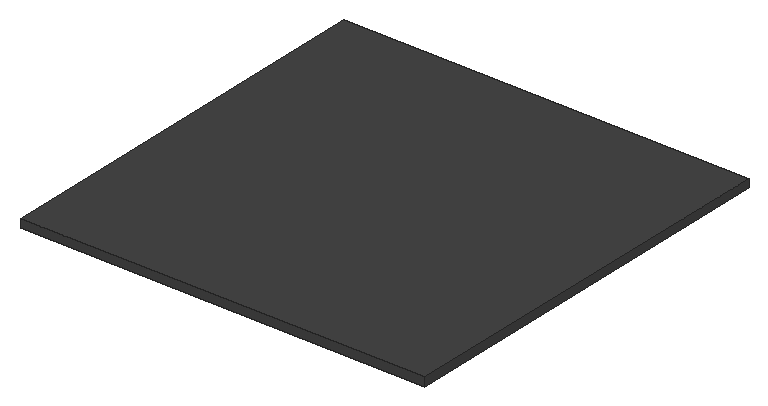
Revit family "ROTHOB_Rothoblaas_Tape_WindowBand", category Structural Connections, host Face, Revit 2020
Family settings
  Host = Face
  Material for Model Behavior = Other
  OmniClass Number = 23.13.23.17
  OmniClass Title = General Purpose Tape
  Enable cutting in views = Yes
  Cut with Voids When Loaded = No
  Shared = No
Parameters (values of type "WINDOW BAND")
  WarrantyStartDate [instance] = ""
  WarrantyGuarantorParts = "n/a"  # constant formula
  WarrantyGuarantorLabor = "n/a"  # constant formula
  WarrantyDurationUnit = "n/a"  # constant formula
  WarrantyDurationParts = "n/a"  # constant formula
  WarrantyDurationLabor = "n/a"  # constant formula
  WarrantyDescription = "n/a"  # constant formula
  Version = "1"  # constant formula
  UniClass2015Version = "Products v1.33"  # constant formula
  UniClass2015Title = "Polyurethane (PU) foam strips"  # constant formula
  UniClass2015Code = "Pr_35_90_87_63"  # constant formula
  Tipo IFC predefinito = "USERDEFINED"  # constant formula
  SustainabilityPerformance = "n/a"  # constant formula
  Size = "n/a"  # constant formula
  ReactionFire = "class B1"  # constant formula
  Shape = "Bidimensional"  # constant formula
  Revision = "n/a"  # constant formula
  ResistanceTemperature = "-20/+80 °C"  # constant formula
  ReplacementCost = "n/a"  # constant formula
  ObjectMaterial = ROTHOB_Rothoblaas_Polyurethane
  NominalWidth = "n/a"  # constant formula
  NominalHeight = "n/a"  # constant formula
  FrenchVOC_Classification = "A+"  # constant formula
  ThermalConductivity = "≤ 0,050 W/(m·K)"  # constant formula
  SoundproofingJoints = "10 mm: ≥ 59 (-2; -3) db"  # constant formula
  EMICODE = "EC1 plus"  # constant formula
  Default Elevation = 1.2192 m
  ProductInformation = "https://www.rothoblaas.com/products/soundproofing/sealing-products/window-band#WINDOW%20BAND"  # constant formula
  OmniClassVersion = "2012-05-16"  # constant formula
  OmniClassTitle = "General Purpose Tape"  # constant formula
  OmniClassCode = "23.13 23.17"  # constant formula
  NominalLength = "n/a"  # constant formula
  InstallationDate [instance] = ""
  Length_L [instance] = 0.046576 m
  Name = "Tape"  # constant formula
  ModelReference = "n/a"  # constant formula
  ModelNumber = "n/a"  # constant formula
  ModelDisclaimer = "The latest version of the data sheets can be found on our website"  # constant formula
  Material = "Elastic polyurethane foam with additives"  # constant formula
  ManufacturerURL = "www.rothoblaas.com"  # constant formula
  ManufacturerName = "ROTHO BLAAS SRL"  # constant formula
  Manufacturer = "info@rothoblaas.com"  # constant formula
  IfcExportType = "USERDEFINED"  # constant formula
  IfcExportAs = "IfcBuildingElementProxyType"  # constant formula
  Width_B [instance] = 0.04666 m
  Grade = "n/a"  # constant formula
  Finish = "n/a"  # constant formula
  Features = "n/a"  # constant formula
  ExpectedLife = "n/a"  # constant formula
  Esporta tipo in formato IFC con nome = "IfcBuildingElementProxyType"  # constant formula
  DurationUnit = "Years"  # constant formula
  Description = "Self-expanding sealing tape for doors/windows"  # constant formula
  Constituents = "n/a"  # constant formula
  Color = "Black"  # constant formula
  CodePerformance = "n/a"  # constant formula
  Category = "Pr_35_90_87_63 - Polyurethane (PU) foam strips"  # constant formula
  BIMObjectName = "ROTHOB_Rothoblaas_Tape_WindowBand"  # constant formula
  EMCODETitle = "n/a"  # constant formula
  EMCODECode = "19323/03.03.10"  # constant formula
  Author = "Vitor Ferronato"  # constant formula
  AssetType = "n/a"  # constant formula
  ApplicationTemperature = "+5/+30 °C"  # constant formula
  Tightness_HeavyRain = "≥ 600 Pa"  # constant formula
  ExposureClass = "MF1 (BG1/BGR)"  # constant formula
  Airtightness = "α ≤ 1.0 m3/(h·m·(dPa)2/3)"  # constant formula
  AccessibilityPerformance = "n/a"  # constant formula
Reference planes (m)
  plane 1 "Centro (Fronte/Retro)": y = 0
  plane 2: z = 0
  plane 3 "Centro (Sinistra/Destra)": x = 0
  plane 4: y = 0.02333
  plane 5: y = -0.02333
  plane 6: x = -0.023288
  plane 7: x = 0.023288
Forms (m)
  Extrusion 1, solid, material "ROTHOB_Rothoblaas_Polyurethane" <- "ObjectMaterial"
    sketch origin (0, 0, 0) x (1, 0, 0) y (0, 1, 0)
      loop
        line (-0.023288, 0.02333) -> (-0.023288, -0.02333) -> (0.023288, -0.02333) -> (0.023288, 0.02333) -> (-0.023288, 0.02333)
    from 0 to 0.001
Dimensions and locks (m)
  equal spacing: host sketch curve, plane 3 "Centro (Sinistra/Destra)", host sketch curve
  host sketch curve to host sketch curve = 0.05 m  (x2)
  equal spacing: host sketch curve, plane 1 "Centro (Fronte/Retro)", host sketch curve
  equal spacing: plane 6, plane 3 "Centro (Sinistra/Destra)", plane 7
  "Length_L": plane 6 to plane 7
  equal spacing: plane 5, plane 1 "Centro (Fronte/Retro)", plane 4
  "Width_B": plane 4 to plane 5
  aligned and locked: plane 2 to host face
  aligned and locked: level to host face
  aligned and locked: Extrusion 1 sketch curve to plane 4
  aligned and locked: plane 6 to Extrusion 1 sketch curve
  aligned and locked: plane 7 to Extrusion 1 sketch curve
  aligned and locked: Extrusion 1 sketch curve to plane 5
